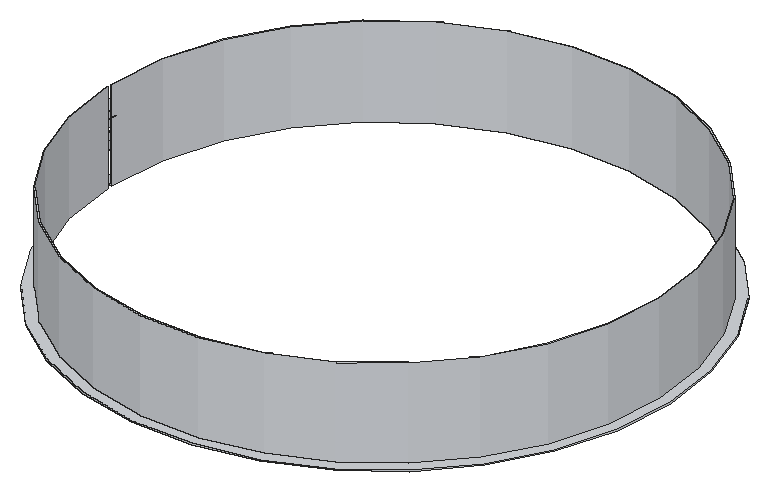
Revit family
Parameters (values of type "DW2404AC")
  WALLTHICK = 9/256"  # constant formula
  Model = "DW2404AC"
  Manufacturer = "CaptiveAire"
  FLANGETHICK = 1/16"
  FLANGERAD = (FLANGEDIA / 2)  # 12 1/2"
  FLANGEDIA = 25"
  Description = "24\" Duct Adjustable Collar"
  DUCTRAD = (DUCTDIA / 2)  # 12 9/256"
  DUCTINSIDERAD = 12"
  DUCTHEIGHT = 4"
  DUCTDIA = (DUCTINSIDERAD + WALLTHICK) * 2  # 24 9/128"
Types (9): name | Model | FLANGERAD | FLANGEDIA | Description | DUCTRAD | DUCTINSIDERAD | DUCTDIA
  (no name) | "DW2404AC" | 12 1/2" | 25" | "24\" Duct Adjustable Collar" | 12 9/256" | 12" | 24 9/128"
  DW0804AC | "DW0804AC" | 4 1/2" | 9" | "8\" Duct Adjustable Collar" | 4 9/256" | 4" | 8 9/128"
  DW1004AC | "DW1004AC" | 5 1/2" | 11" | "10\" Duct Adjustable Collar" | 5 9/256" | 5" | 10 9/128"
  DW1204AC | "DW1204AC" | 6 1/2" | 13" | "12\" Duct Adjustable Collar" | 6 9/256" | 6" | 12 9/128"
  DW1404AC | "DW1404AC" | 7 1/2" | 15" | "14\" Duct Adjustable Collar" | 7 9/256" | 7" | 14 9/128"
  DW1604AC | "DW1604AC" | 8 1/2" | 17" | "16\" Duct Adjustable Collar" | 8 9/256" | 8" | 16 9/128"
  DW1804AC | "DW1804AC" | 9 1/2" | 19" | "18\" Duct Adjustable Collar" | 9 9/256" | 9" | 18 9/128"
  DW2004AC | "DW2004AC" | 10 1/2" | 21" | "20\" Duct Adjustable Collar" | 10 9/256" | 10" | 20 9/128"
  DW2404AC | "DW2404AC" | 12 1/2" | 25" | "24\" Duct Adjustable Collar" | 12 9/256" | 12" | 24 9/128"
Reference planes (in)
  plane 1 "Center (Front/Back)": y = 0
  plane 2: z = 0
  plane 3 "Center (Left/Right)": x = -6.88877
  plane 4: z = 4
  plane 5: x = 5.14638
  plane 6: x = -19.38877
  plane 7: x = -18.92393
  plane 8: x = 5.61123
  plane 9: x = 5.11123
  plane 10: z = 0.0625
  plane 11: z = 3.9375
  plane 12: x = -18.88877
  plane 13: z = 2
Forms (in)
  Revolve 1, solid
    sketch origin (0, 0, 0) x (1, 0, 0) y (0, 0, 1)
      loop
        line (-18.88877, 4) -> (-18.92393, 4) -> (-18.92393, 0.0625) -> (-19.38877, 0.0625) -> (-19.38877, 0) -> (-18.88877, 0) -> (-18.88877, 4)
      axis (-6.88877, 4) -> (-6.88877, 0)
    angle from 0 to 359
Dimensions and locks (in)
  "DUCTHEIGHT": level to plane 4
  equal spacing: plane 5, plane 3 "Center (Left/Right)", plane 7
  "FLANGEDIA": plane 8 to plane 6
  "DUCTDIA": plane 7 to plane 5
  "FLANGERAD": plane 3 "Center (Left/Right)" to plane 6
  "WALLTHICK": plane 9 to plane 5
  "WALLTHICK": plane 12 to plane 7
  "FLANGETHICK": plane 11 to plane 4
  "FLANGETHICK": level to plane 10
  equal spacing: plane 4, plane 13, level
  aligned and locked: plane 6 to Revolve 1 sketch curve
  aligned and locked: level to Revolve 1 sketch curve
  aligned and locked: plane 10 to Revolve 1 sketch curve
  aligned and locked: Revolve 1 sketch curve to plane 4
  aligned and locked: plane 7 to Revolve 1 sketch curve
  aligned and locked: Revolve 1 sketch curve to plane 12
  aligned and locked: plane 7 to nested 1
  aligned and locked: nested 1 to plane 1 "Center (Front/Back)"
  aligned and locked: plane 13 to nested 1
Automatic sketch dimensions
  plane 3 "Center (Left/Right)" to Revolve 1 sketch curve = 0"
  Revolve 1 sketch curve to level = 0.84677"
  plane 4 to Revolve 1 sketch curve = 0.5131"
Nested families (in)
  nested 1: "DWCLAMPBR-ASY" at (-18.50039, -1.84472, 2) x (0, 1, 0) z (-1, 0, 0), type "DW0812ADP"
Definition of nested family "DWCLAMPBR-ASY"
  Parameters (values of type "DW2024ADP")
    Model = "DWCLAMPBR"
    Manufacturer = "CaptiveAire"
    Description = "DOUBLE WALL CLAMP"
  Types (14): name | Model | Description
    (no name) | "DWCLAMPBR" | "DOUBLE WALL CLAMP"
    DW0812ADP | "DW0812ADP" | "8\" - 12\" Duct Adaptor"
    DW1012ADP | "DW1012ADP" | "10\"-12\" Duct Adaptor"
    DW1014ADP | "DW1014ADP" | "10\"-14\" Duct Adaptor"
    DW1214ADP | "DW1214ADP" | "12\"-14\" Duct Adaptor"
    DW1216ADP | "DW1216ADP" | "12\"-16\" Duct Adaptor"
    DW1218ADP | "DW1218ADP" | "12\"-18\" Duct Adaptor"
    DW1416ADP | "DW1416ADP" | "14\"-16\" Duct Adaptor"
    DW1418ADP | "DW1418ADP" | "14\"-18\" Duct Adaptor"
    DW1420ADP | "DW1420ADP" | "14\"-20\" Duct Adaptor"
    DW1620ADP | "DW1620ADP" | "16\"-20\" Duct Adaptor"
    DW1624ADP | "DW1624ADP" | "16\"-24\" Duct Adaptor"
    DW1824ADP | "DW1824ADP" | "18\"-24\" Duct Adaptor"
    DW2024ADP | "DWCLAMPBR" | "DOUBLE WALL CLAMP"
  Reference planes (in)
    plane 1 "Center (Front/Back)": y = 0
    plane 2: z = 0.42354
    plane 3 "Center (Left/Right)": x = 1.84472
    plane 4: x = 2.09472
    plane 5: x = 1.59472
  Forms (in)
    Extrusion 1, solid
      sketch origin (1.54472, 0.3855, 0.42354) x (0, -1, 0) y (0, 0, 1)
        loop
          circle (-0.04143, 0.44048) r 0.125
        loop
          circle (0.81243, 0.44048) r 0.125
      from -1 to 0.5
  Dimensions and locks (in)
    locked: plane 4 to plane 3 "Center (Left/Right)" at 0.25
    locked: plane 5 to plane 3 "Center (Left/Right)" at 0.25
    aligned and locked: level to plane 2
    aligned and locked: nested 2 to plane 1 "Center (Front/Back)"
    aligned and locked: plane 1 "Center (Front/Back)" to nested 1
    aligned and locked: nested 2 to plane 5
    aligned and locked: nested 1 to plane 4
    aligned and locked: nested 2 to level
    aligned and locked: nested 1 to level
  Nested families (in)
    nested 1: "DWCLAMPBR" at (2.09472, 1.84472, 0) x (0, -1, 0) z (0, 0, 1), type "DW0812ADP"
    nested 2: "DWCLAMPBR" at (1.59472, -1.84472, 0) x (0, 1, 0) z (0, 0, 1), type "DW0812ADP"
  Definition of nested family "DWCLAMPBR"
    Parameters (values of type "DW2024ADP")
      Model = "DWCLAMPBR"
      Manufacturer = "CaptiveAire"
      Description = "DOUBLE WALL CLAMP"
      95.194 = 95.194°  # constant formula
      .375 = 3/8"  # constant formula
    Types (14): name | Model | Description
      (no name) | "DWCLAMPBR" | "DOUBLE WALL CLAMP"
      DW0812ADP | "DW0812ADP" | "8\" - 12\" Duct Adaptor"
      DW1012ADP | "DW1012ADP" | "10\"-12\" Duct Adaptor"
      DW1014ADP | "DW1014ADP" | "10\"-14\" Duct Adaptor"
      DW1214ADP | "DW1214ADP" | "12\"-14\" Duct Adaptor"
      DW1216ADP | "DW1216ADP" | "12\"-16\" Duct Adaptor"
      DW1218ADP | "DW1218ADP" | "12\"-18\" Duct Adaptor"
      DW1416ADP | "DW1416ADP" | "14\"-16\" Duct Adaptor"
      DW1418ADP | "DW1418ADP" | "14\"-18\" Duct Adaptor"
      DW1420ADP | "DW1420ADP" | "14\"-20\" Duct Adaptor"
      DW1620ADP | "DW1620ADP" | "16\"-20\" Duct Adaptor"
      DW1624ADP | "DW1624ADP" | "16\"-24\" Duct Adaptor"
      DW1824ADP | "DW1824ADP" | "18\"-24\" Duct Adaptor"
      DW2024ADP | "DWCLAMPBR" | "DOUBLE WALL CLAMP"
    Reference planes (in)
      plane 1 "Center (Front/Back)": y = 0
      plane 2: z = 0.42354
      plane 3 "Center (Left/Right)": x = 1.84472
      plane 4: x = 2.62474
      plane 5: x = 2.60222
      plane 6: y = 1.346
      plane 7: x = 1.0647
      plane 8: x = 1.08722
    Forms (in)
      Extrusion 1, solid
        sketch origin (0, 0, 0.42354) x (1, 0, 0) y (0, 1, 0)
          loop
            line (2.60222, 0) -> (2.72457, 1.346) -> (0.96487, 1.346) -> (1.08722, 0) -> (2.60222, 0)
        from 0 to 0.75
      Extrusion 2, void
        sketch origin (0, 0, 1.17354) x (0, 1, 0) y (1, 0, 0)
          loop
            line (0.05, 1.45922) -> (1.346, 1.34141) -> (1.346, 2.34803) -> (0.05, 2.23022) -> (0.05, 1.45922)
        from 0 to 0.75
      Extrusion 3, void
        sketch origin (0, 0, 1.17354) x (0, 1, 0) y (1, 0, 0)
          loop
            line (0.05, 1.45922) -> (0.05, 1.1403) -> (1.346, 1.02249) -> (1.346, 1.34141) -> (0.05, 1.45922)
          loop
            line (0.05, 2.23022) -> (1.346, 2.34803) -> (1.346, 2.66695) -> (0.05, 2.54914) -> (0.05, 2.23022)
        from 0 to 0.625
      Extrusion 4, void
        sketch origin (2.60222, 0, 0.42354) x (1, 0, 0) y (0, 0, -1)
          loop
            line (-1.3725, -0.63322) -> (-0.9975, -0.63322) -> (-0.9975, -0.25822) -> (-1.3725, -0.25822) -> (-1.3725, -0.63322)
          loop
            line (-0.97218, 0) -> (-0.7575, -0.46039) -> (-0.51271, 0) -> (-0.97218, 0)
          loop
            line (-0.1425, -0.63322) -> (-0.1425, -0.25822) -> (-0.5175, -0.25822) -> (-0.5175, -0.63322) -> (-0.1425, -0.63322)
        from 0 to 0.625
    Cuts and joins
      Extrusion 2, Extrusion 3, Extrusion 4 cuts Extrusion 1
    Dimensions and locks (in)
      equal spacing: plane 7, plane 3 "Center (Left/Right)", plane 4
      equal spacing: plane 8, plane 3 "Center (Left/Right)", plane 5
      plane 8 to plane 5 to plane 4 = 1.515" locked, 0.02252" locked
      ".375": Extrusion 1 to Extrusion 2 sketch curve  (x2)
      locked: plane 1 "Center (Front/Back)" to Extrusion 2 sketch curve at 0.05
      "95.194": angle Extrusion 1 sketch curve to Extrusion 1 sketch curve
      "95.194": angle plane 1 "Center (Front/Back)" to Extrusion 1 sketch curve
      aligned and locked: level to plane 2
      aligned and locked: Extrusion 1 to Extrusion 2 sketch curve
    Automatic sketch dimensions
      plane 6 to Extrusion 1 sketch curve = 0"
      plane 1 "Center (Front/Back)" to Extrusion 1 sketch curve = 0"
      Extrusion 1 sketch curve to plane 8 = 0"
      Extrusion 1 sketch curve to plane 5 = 0"
      Extrusion 3 sketch curve to Extrusion 1 = 0"  (x2)
      Extrusion 3 sketch curve to Extrusion 1 = 0.05"  (x2)
      Extrusion 3 sketch curve to Extrusion 1 = 0.05739"
      Extrusion 3 sketch curve to Extrusion 3 sketch curve = 0.11781"
      Extrusion 3 sketch curve to Extrusion 3 sketch curve = 0.31892"  (x4)
      Extrusion 3 sketch curve to Extrusion 3 sketch curve = 0.771"
      Extrusion 3 sketch curve to Extrusion 3 sketch curve = 1.00661"
      Extrusion 4 sketch curve to Extrusion 1 = 0"
      Extrusion 1 to Extrusion 4 sketch curve = 0.1425"  (x2)
      Extrusion 4 sketch curve to Extrusion 4 sketch curve = 3/8"
      Extrusion 4 sketch curve to Extrusion 4 sketch curve = 0.02532"
      Extrusion 4 sketch curve to Extrusion 1 = 0.28961"
      Extrusion 4 sketch curve to Extrusion 4 sketch curve = 0.24"  (x2)
      Extrusion 4 sketch curve to Extrusion 1 = 0.11678"  (x2)
      Extrusion 4 sketch curve to Extrusion 4 sketch curve = 0.00479"
      Extrusion 4 sketch curve to Extrusion 1 = 0.25822"  (x2)
